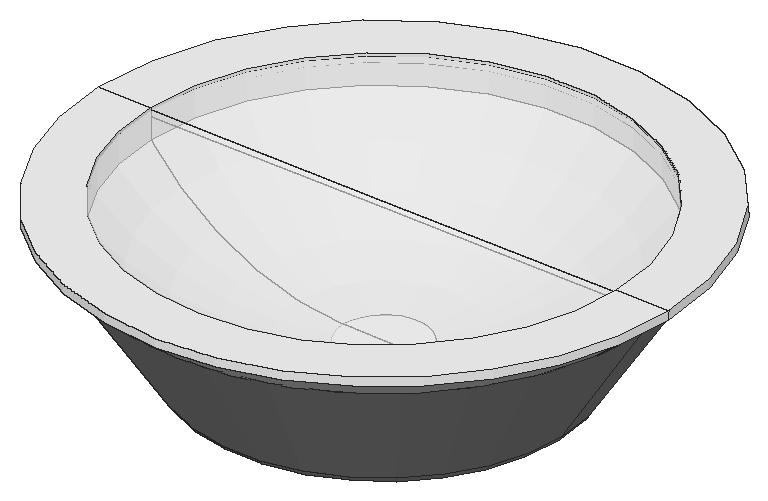
Revit family "0030390", category Lighting Fixtures, host Face, Revit 2016
Family settings
  Host = Face
  Part Type = Normal
  Round Connector Dimension = Use Diameter
  OmniClass Number = 23.80.70.00
  OmniClass Title = Lighting
  Cut with Voids When Loaded = No
  Light Source = Yes
  Shared = No
  Room Calculation Point = No
Parameters (values of type "0030390 Insaver Slim UGR19 IP44 DALI 200 2000lm 830 SSC")
  WidthBezel_SYL = if(Size1_SYL, 20 mm, if(Size2_SYL, 20 mm, if(Size3PIR_SYL, 30 mm, if(Size4_SYL, 20 mm, 20 mm))))  # 20 mm
  Weight = "8.64 kg"
  Wattage Comments = ""
  Wattage = 20 W
  WarrantyStartDate [instance] = "n/a"
  WarrantyGuarantorParts = "n/a"
  WarrantyDurationUnit = "n/a"
  WarrantyDurationParts = "n/a"
  WarrantyDescription = "n/a"
  built-in parameter 1150110 = 1 (stored number, unit not read)
  Voltage = 230 V
  VisibilityPIR_SYL = Size3PIR_SYL  # no
  URL = "http://www.sylvania-lighting.com"
  TypeName = "Insaver Slim UGR19 IP44 DALI 200 2000lm 830 SSC"
  Type Image = <None>
  Type Comments = "n/a"
  built-in parameter 1114217 = 1 (stored number, unit not read)
  Tilt Angle = -90.00°
  built-in parameter 1150109 = 1 (stored number, unit not read)
  built-in parameter 1150134 = (empty or 0)
  built-in parameter 1150113 = 1 (stored number, unit not read)
  Size4_SYL = yes
  Size3PIR_SYL = no
  Size2_SYL = no
  Size1_SYL = no
  SerialNumber [instance] = "n/a"
  RadiusTop_SYL = 6 mm
  RadiusReflector_SYL = if(Size1_SYL, 85 mm, if(Size2_SYL, 85 mm, if(Size3PIR_SYL, 85 mm, if(Size4_SYL, 100 mm, 120 mm))))  # 100 mm
  Photometric Web File = "0030390.ies"
  Material_3_FEILO = Top-Sylvania-STARTDownlight
  PowerFactor = 0.9
  PowerConsumption = "20 W"
  NominalLength = 220 mm
  NominalHeight = 60 mm
  NominalDepth = 220 mm
  Name = "Insaver Slim UGR19 IP44 DALI 200 2000lm 830 SSC"
  ModelReference = Name  # "Insaver Slim UGR19 IP44 DALI 200 2000lm 830 SSC"
  ModelNumber = "0030390"
  Model = Name  # "Insaver Slim UGR19 IP44 DALI 200 2000lm 830 SSC"
  Material = "aluminium housing, na diffuser"
  ManufacturerName = "Feilo Sylvania"
  Manufacturer = "Feilo Sylvania"
  LuminousEfficacy = "117.2 lm/W"
  built-in parameter 1150105 = 186.53 (stored number, unit not read)
  Lumens = 2344 lm
  LuminaireType = ""
  built-in parameter 1150115 = 1 (stored number, unit not read)
  LightOutputRatio = "n/a"
  built-in parameter 1150137 = (empty or 0)
  built-in parameter 1150139 = (empty or 0)
  LampsType = Lamp  # "LED"
  LampNominalLuminous = "lm"
  LampMacAdamStep = "5"
  LampColourTemperature = "3000 K"
  LampColourRenderingIndex = "80"
  built-in parameter 1150112 = 1 (stored number, unit not read)
  built-in parameter 1150114 = 1 (stored number, unit not read)
  Lamp = "LED"
  Keynote = "16500"
  InstallationDate [instance] = "n/a"
  InputVoltage = "AC 220-240 V"
  InputNominalFrequency = "50/60 Hz"
  built-in parameter 1150132 = (empty or 0)
  built-in parameter 1150102 = (empty or 0)
  built-in parameter 1150107 = 3000 (stored number, unit not read)
  built-in parameter 1150138 = (empty or 0)
  IngressProtection = "IP40/20"
  ImpactProtectionIndex = "IK07"
  built-in parameter 1150106 = 1.8653 (stored number, unit not read)
  IfcExportType = "IfcLightFixtureType"
  IfcExportAs = "IfcLightFixtureType"
  Height_SYL = if(Size1_SYL, 61 mm, if(Size2_SYL, 61 mm, if(Size3PIR_SYL, 61 mm, if(Size4_SYL, 61 mm, 60 mm))))  # 61 mm
  HeightBezel_SYL = if(Size1_SYL, 3 mm, if(Size2_SYL, 3 mm, if(Size3PIR_SYL, 3 mm, if(Size4_SYL, 3.2 mm, 3 mm))))  # 3.2 mm
  ExpectedLife = 50000
  Emit from Circle Diameter = Diameter_SYL - 40 mm  # 180 mm
  Emit Shape Visible in Rendering = no
  ElectricShockClassification = "Class II"
  built-in parameter 1150104 = 10.888 (stored number, unit not read)
  DurationUnit = "hours"
  DocumentationLiterature = "http://www.sylvania-lighting.com/product/en-int/products/0030390"
  DimmingControlOptions = "DALI dimmable"
  Material_2_FEILO = Diffuser-Sylvania-STARTDownlight
  Dimming Lamp Color Temperature Shift = <None>
  Diameter_SYL = if(Size1_SYL, 165 mm, if(Size2_SYL, 190 mm, if(Size3PIR_SYL, 211 mm, if(Size4_SYL, 220 mm, 240 mm))))  # 220 mm
  DiameterTop_SYL = if(Size1_SYL, 98 mm, if(Size2_SYL, 122 mm, if(Size3PIR_SYL, 120 mm, if(Size4_SYL, 135 mm, 158 mm))))  # 135 mm
  DiameterTopBase_SYL = DiameterRecess_SYL  # 200 mm
  DiameterRecess_SYL = if(Size1_SYL, 150 mm, if(Size2_SYL, 170 mm, if(Size3PIR_SYL, 186 mm, if(Size4_SYL, 200 mm, 225 mm))))  # 200 mm
  Description = ""
  Default Elevation = 1219.2 mm
  CreatedOn = "5/28/2019"
  CreatedBy = "@sylvania-lighting.com"
  Cost = 0
  Color Filter = 16777215
  built-in parameter 1114216 [instance] = (empty or 0)
  ClassificationValue = "EF_70_80"
  ClassificationName = "Uniclass2015"
  Material_1_FEILO = Trim-Sylvania-STARTDownlight-White
  BarCode [instance] = "n/a"
  built-in parameter 1114218 = 1 (stored number, unit not read)
  built-in parameter 1150133 = 10 (stored number, unit not read)
  AssetType = "Fixed"
  AssetIdentifier [instance] = "n/a"
  Assembly Code = "D5020200"
  Apparent Load = 20 VA
  Material_4_FEILO = LED-Sylvania-STARTDownlight
Types (2, lengths in mm): name | Wattage | Photometric Web File | PowerConsumption | LuminousEfficacy | built-in parameter 1150105 | Lumens | LampNominalLuminous | built-in parameter 1150106 | built-in parameter 1150104 | Apparent Load
  0030390 Insaver Slim UGR19 IP44 DALI 200 2000lm 830 SSC | 20 W | "0030390.ies" | "20 W" | "117.2 lm/W" | 186.53 (stored number, unit not read) | 2344 lm | "lm" | 1.8653 (stored number, unit not read) | 10.888 (stored number, unit not read) | 20 VA
  0030390 Insaver Slim UGR19 IP44 DALI 200 2000lm 830 SSC Emergency mode | 23 W | "0030390EM.ies" | "23 W" | "16.70 lm/W" | 247.2 (stored number, unit not read) | 384.1 lm | "383 lm" | 2.472 (stored number, unit not read) | 1.5515 (stored number, unit not read) | 23 VA
Reference planes
  plane 1 "Center (Front/Back)": y = 0
  plane 2: z = 0
  plane 3 "Center (Left/Right)": x = 0
  plane 4: x = 110
  plane 5: x = -110
  plane 6: z = 3.2
  plane 7: z = -8
  plane 8: z = -57.8
  plane 9: x = -100
  plane 10: x = 100
  plane 11: x = -67.5
  plane 12: x = 67.5
  plane 13: z = -85
  plane 14: x = -90
  plane 15: z = 2.2
  plane 16: z = -45.8
  plane 17: x = -16
  plane 18: x = -95
  plane 19: x = -81.5
  plane 20: x = -99.5
  plane 21: x = -104
  plane 22: z = 5.7
  plane 23: z = 8.9
  plane 24: x = -103
  plane 25: z = 13.9
Forms (mm)
  Revolve 1, void
    sketch origin (0, 0, 0) x (1, 0, 0) y (0, 0, 1)
      loop
        line (0, 0) -> (-100, 0) -> (-100, -85) -> (0, -85) -> (0, 0)
      axis (0, 0) -> (0, -85)
    angle from 360 to 0
  Revolve 2, solid, material "Trim-Sylvania-STARTDownlight-White" <- "Material_1_FEILO"
    sketch origin (0, 0, 0) x (1, 0, 0) y (0, 0, 1)
      loop
        line (-90, 3.2) -> (-110, 3.2) -> (-110, 0) -> (-100, 0) -> (-100, -8) -> (-69.181, -54.568)
        arc (-69.181, -54.568) -> (-66.971, -56.929) -> (-63.857, -57.8) r 6
        line (-63.857, -57.8) -> (0, -57.8) -> (0, -45.8) -> (-16, -45.8)
        arc (-16, -45.8) -> (-57.112, -34.95) -> (-90, -8) r 100
        line (-90, -8) -> (-90, 3.2)
      axis (0, 3.2) -> (0, -57.8)
    angle from 360 to 0
  Revolve 3, solid, material "Diffuser-Sylvania-STARTDownlight" <- "Material_2_FEILO"
    sketch origin (0, 0, 0) x (1, 0, 0) y (0, 0, 1)
      loop
        line (-90, 0) -> (0, 0) -> (0, 2.2) -> (-90, 2.2) -> (-90, 0)
      axis (0, 2.2) -> (0, 0)
    angle from 360 to 0
  Revolve 4, solid, material "Trim-Sylvania-STARTDownlight-White" <- "Material_1_FEILO", visible <- "VisibilityPIR_SYL"
    sketch origin (0, 0, 0) x (1, 0, 0) y (0, 0, 1)
      loop
        line (-95, 3.2) -> (-95, 13.9)
        arc (-95, 13.9) -> (-99.717, 12.547) -> (-103, 8.9) r 8.9
        line (-103, 8.9) -> (-103, 5.7) -> (-104, 5.7) -> (-104, 3.2) -> (-95, 3.2)
      axis (-95, 13.9) -> (-95, 3.2)
    angle from 360 to 0
Dimensions and locks
  equal spacing: plane 4, plane 3 "Center (Left/Right)", plane 5
  "Diameter_SYL": plane 4 to plane 5
  equal spacing: plane 10, plane 3 "Center (Left/Right)", plane 9
  equal spacing: plane 12, plane 3 "Center (Left/Right)", plane 11
  "DiameterTop_SYL": plane 12 to plane 11
  "HeightBezel_SYL": plane 6 to plane 2
  "Height_SYL": plane 6 to plane 8
  locked: plane 2 to plane 7 at 8
  locked: plane 2 to plane 13 at 85
  "WidthBezel_SYL": plane 14 to plane 5
  locked: plane 6 to plane 15 at 1
  "DiameterRecess_SYL": plane 10 to plane 9
  locked: plane 3 "Center (Left/Right)" to plane 17 at 16
  locked: plane 16 to plane 8 at 12
  locked: plane 18 to plane 21 at 9
  locked: plane 22 to plane 6 at 2.5
  locked: plane 23 to plane 22 at 3.2
  locked: plane 18 to plane 24 at 8
  locked: plane 25 to plane 23 at 5
  locked: plane 25 to Revolve 4 sketch curve at 8.9
  locked: plane 18 to plane 5 at 15
  "RadiusReflector_SYL": radius of Revolve 2 sketch curve
  "RadiusTop_SYL": radius of Revolve 2 sketch curve
  aligned and locked: plane 2 to host face
  aligned and locked: level to host face
  aligned and locked: Revolve 1 sketch curve to plane 3 "Center (Left/Right)"
  aligned and locked: plane 3 "Center (Left/Right)" to Revolve 1 sketch curve
  aligned and locked: Revolve 1 sketch curve to plane 9
  aligned and locked: plane 13 to Revolve 1 sketch curve
  aligned and locked: plane 3 "Center (Left/Right)" to imposter light
  aligned and locked: imposter light to plane 15
  aligned and locked: imposter light to plane 1 "Center (Front/Back)"
  aligned and locked: Revolve 2 sketch curve to plane 3 "Center (Left/Right)"
  aligned and locked: Revolve 2 sketch curve to plane 6
  aligned and locked: Revolve 2 sketch curve to plane 5
  aligned and locked: Revolve 2 sketch curve to level
  aligned and locked: plane 7 to Revolve 2 sketch curve  (x2)
  aligned and locked: Revolve 2 sketch curve to plane 9
  aligned and locked: plane 8 to Revolve 2 sketch curve
  aligned and locked: Revolve 2 sketch curve to plane 14
  aligned and locked: plane 3 "Center (Left/Right)" to Revolve 2 sketch curve
  aligned and locked: Revolve 2 sketch curve to plane 16
  aligned and locked: Revolve 3 sketch curve to plane 3 "Center (Left/Right)"
  aligned and locked: Revolve 3 sketch curve to level
  aligned and locked: imposter light to Revolve 3 sketch curve  (x2)
  aligned and locked: Revolve 4 sketch curve to plane 18  (x2)
  aligned and locked: Revolve 4 sketch curve to plane 6
  aligned and locked: plane 22 to Revolve 4 sketch curve
  aligned and locked: plane 24 to Revolve 4 sketch curve
  aligned and locked: Revolve 4 sketch curve to Revolve 4 sketch curve
  aligned and locked: plane 21 to Revolve 4 sketch curve
Automatic sketch dimensions
  host sketch curve to host sketch curve = 2438.4 mm  (x2)
  plane 13 to Revolve 1 sketch curve = 524.6 mm
  Revolve 1 sketch curve to plane 6 = 2606.058 mm
  Revolve 1 sketch curve to level = 0 mm
  Revolve 2 sketch curve to plane 17 = 0 mm
  Revolve 2 sketch curve to plane 11 = 1.681 mm
  plane 11 to Revolve 2 sketch curve = 3.643 mm
  plane 13 to Revolve 2 sketch curve = 524.6 mm
  Revolve 2 sketch curve to Revolve 2 sketch curve = 2577.983 mm
  Revolve 3 sketch curve to plane 14 = 0 mm
  plane 13 to Revolve 3 sketch curve = 524.6 mm
  Revolve 3 sketch curve to plane 6 = 2606.058 mm
  Revolve 4 sketch curve to plane 23 = 0 mm
  plane 13 to Revolve 4 sketch curve = 524.6 mm
  Revolve 4 sketch curve to Revolve 4 sketch curve = 2595.358 mm
Connectors
  electrical at (0, 0, 0), driven by "Apparent Load", driven by "PowerFactor", driven by "Voltage"
    settings: index 1, voltage 230 V, apparent load 20 VA, apparent load phase1 0 VA, apparent load phase2 0 VA, apparent load phase3 0 VA, power factor 0.9, load classification "Lighting", number of poles 1, system type 30, power factor state 1, is connector primary yes, connector utility no, sub classification motor no, connector description ""
